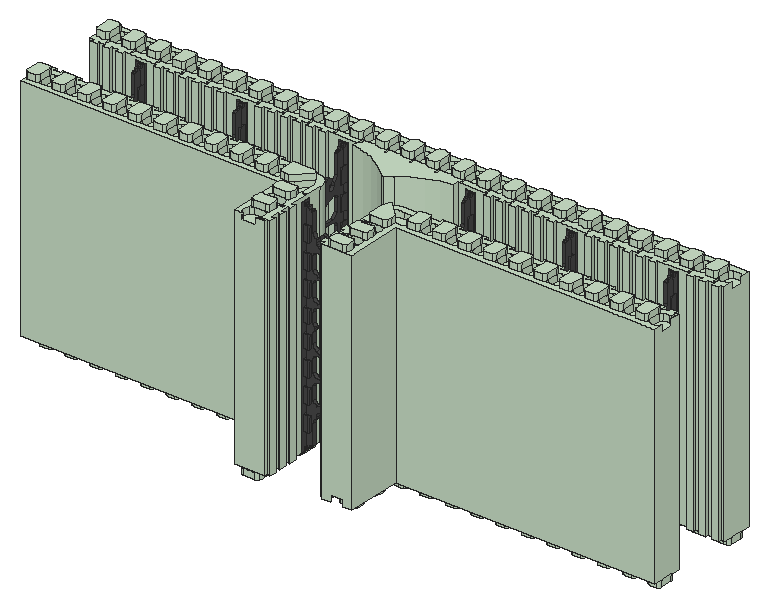
Revit family (continued)
Definition of nested family "NUDURA Logo Diamond"
  Lines and regions (in)
    model lines
      curve 205: arc (11.84417, 0, 8.22149) -> (11.72718, 0, 8.32679) -> (11.68379, 0, 8.47809) r 0.28547
      curve 206: arc (11.68379, 0, 8.07193) -> (11.73147, 0, 8.18158) -> (11.84417, 0, 8.22149) r 0.14992
      curve 207: arc (11.68379, 0, 7.77522) -> (11.74962, 0, 7.58769) -> (11.91823, 0, 7.48247) r 0.3
      curve 208: arc (11.82444, 0, 7.82469) -> (11.84638, 0, 7.76218) -> (11.90258, 0, 7.7271) r 0.1
      curve 209: arc (11.82444, 0, 7.92839) -> (11.84318, 0, 7.96742) -> (11.88536, 0, 7.97718) r 0.05
      curve 210: arc (12.12077, 0, 6.90405) -> (12.08541, 0, 6.91869) -> (12.07077, 0, 6.95405) r 0.05
      curve 211: arc (12.16108, 0, 6.90405) -> (12.19644, 0, 6.91869) -> (12.21108, 0, 6.95405) r 0.05
      curve 212: arc (11.97077, 0, 6.99425) -> (11.95612, 0, 6.95889) -> (11.92077, 0, 6.94425) r 0.05
      curve 213: arc (11.90321, 0, 6.67694) -> (11.96756, 0, 6.70069) -> (12.00104, 0, 6.76055) r 0.09904
      curve 214: arc (12.00104, 0, 6.76055) -> (12.1681, 0, 6.63117) -> (12.31108, 0, 6.78674) r 0.15613
      curve 215: arc (12.08042, 0, 8.17826) -> (12.24181, 0, 8.22914) -> (12.31108, 0, 8.38353) r 0.20667
      curve 216: arc (11.82444, 0, 8.55476) -> (11.9976, 0, 8.3816) -> (12.17077, 0, 8.55476) r 0.17317
      curve 217: arc (11.82444, 0, 9.40811) -> (11.84638, 0, 9.34561) -> (11.90258, 0, 9.31053) r 0.1
      curve 218: arc (11.82444, 0, 9.51182) -> (11.8459, 0, 9.55306) -> (11.892, 0, 9.55913) r 0.05034
      curve 219: arc (11.24744, 0, 12.12855) -> (11.35727, 0, 12.39372) -> (11.62244, 0, 12.50355) r 0.375
      curve 220: arc (12.37244, 0, 12.50355) -> (12.6376, 0, 12.39372) -> (12.74744, 0, 12.12855) r 0.375
      curve 221: arc (11.24744, 0, 5.87855) -> (11.35727, 0, 5.61339) -> (11.62244, 0, 5.50355) r 0.375
      curve 222: arc (12.37244, 0, 5.50355) -> (12.6376, 0, 5.61339) -> (12.74744, 0, 5.87855) r 0.375
      curve 223: line (9.99744, 0, 18) -> (9.99744, 0, 0)
      curve 224: line (13.99744, 0, 18) -> (13.99744, 0, 0)
      curve 225: line (15.99744, 0, 18) -> (15.99744, 0, 0)
Definition of nested family "NUDURA Diamond Pattern"
  Reference planes (in)
    plane 1 "Center (Front/Back)": y = 0
    plane 2: z = 0
    plane 3 "Center (Left/Right)": x = 0
    plane 4: z = 18
  Lines and regions (in)
    model lines
      curve 1: line (8, -5.625, 18) -> (8, -5.625, 0)
      curve 2: line (6, -5.625, 18) -> (6, -5.625, 0)
      curve 3: line (2, -5.625, 18) -> (2, -5.625, 0)
      curve 4: line (3.35367, -5.625, 16.98484) -> (3.69709, -5.625, 16.64142)
      curve 5: arc (3.35367, -5.625, 17.51517) -> (3.24384, -5.625, 17.25) -> (3.35367, -5.625, 16.98484) r 0.375
      curve 6: line (3.72867, -5.625, 17.89017) -> (3.35367, -5.625, 17.51517)
      curve 7: arc (4.259, -5.625, 17.89017) -> (3.99384, -5.625, 18) -> (3.72867, -5.625, 17.89017) r 0.375
      curve 8: line (4.634, -5.625, 17.51517) -> (4.259, -5.625, 17.89017)
      curve 9: arc (4.634, -5.625, 16.98484) -> (4.74384, -5.625, 17.25) -> (4.634, -5.625, 17.51517) r 0.375
      curve 10: line (4.29059, -5.625, 16.64142) -> (4.634, -5.625, 16.98484)
      curve 11: arc (4.17062, -5.625, 17.80178) -> (3.99384, -5.625, 17.875) -> (3.81706, -5.625, 17.80178) r 0.25
      curve 12: line (4.54562, -5.625, 17.42678) -> (4.17062, -5.625, 17.80178)
      curve 13: arc (4.54562, -5.625, 17.07322) -> (4.61884, -5.625, 17.25) -> (4.54562, -5.625, 17.42678) r 0.25
      curve 14: line (4.17062, -5.625, 16.69822) -> (4.54562, -5.625, 17.07322)
      curve 15: arc (3.81706, -5.625, 16.69822) -> (3.99384, -5.625, 16.625) -> (4.17062, -5.625, 16.69822) r 0.25
      curve 16: line (3.44206, -5.625, 17.07322) -> (3.81706, -5.625, 16.69822)
      curve 17: arc (3.44206, -5.625, 17.42678) -> (3.36884, -5.625, 17.25) -> (3.44206, -5.625, 17.07322) r 0.25
      curve 18: line (3.81706, -5.625, 17.80178) -> (3.44206, -5.625, 17.42678)
      curve 19: arc (3.69709, -5.625, 16.35858) -> (3.75567, -5.625, 16.5) -> (3.69709, -5.625, 16.64142) r 0.2
      curve 20: line (4.634, -5.625, 16.01517) -> (4.29059, -5.625, 16.35858)
      curve 21: arc (4.634, -5.625, 15.48484) -> (4.74384, -5.625, 15.75) -> (4.634, -5.625, 16.01517) r 0.375
      curve 22: line (4.29059, -5.625, 15.14142) -> (4.634, -5.625, 15.48484)
      curve 23: line (3.35367, -5.625, 15.48484) -> (3.69709, -5.625, 15.14142)
      curve 24: arc (3.35367, -5.625, 16.01517) -> (3.24384, -5.625, 15.75) -> (3.35367, -5.625, 15.48484) r 0.375
      curve 25: line (3.69709, -5.625, 16.35858) -> (3.35367, -5.625, 16.01517)
      curve 26: arc (4.17062, -5.625, 16.30178) -> (3.99384, -5.625, 16.375) -> (3.81706, -5.625, 16.30178) r 0.25
      curve 27: line (3.81706, -5.625, 16.30178) -> (3.44206, -5.625, 15.92678)
      curve 28: arc (3.44206, -5.625, 15.92678) -> (3.36884, -5.625, 15.75) -> (3.44206, -5.625, 15.57322) r 0.25
      curve 29: line (3.44206, -5.625, 15.57322) -> (3.81706, -5.625, 15.19822)
      curve 30: arc (3.81706, -5.625, 15.19822) -> (3.99384, -5.625, 15.125) -> (4.17062, -5.625, 15.19822) r 0.25
      curve 31: line (4.17062, -5.625, 15.19822) -> (4.54562, -5.625, 15.57322)
      curve 32: arc (4.54562, -5.625, 15.57322) -> (4.61884, -5.625, 15.75) -> (4.54562, -5.625, 15.92678) r 0.25
      curve 33: line (4.54562, -5.625, 15.92678) -> (4.17062, -5.625, 16.30178)
      curve 34: arc (3.69709, -5.625, 14.85858) -> (3.75567, -5.625, 15) -> (3.69709, -5.625, 15.14142) r 0.2
      curve 35: line (4.634, -5.625, 14.51517) -> (4.29059, -5.625, 14.85858)
      curve 36: arc (4.634, -5.625, 13.98484) -> (4.74384, -5.625, 14.25) -> (4.634, -5.625, 14.51517) r 0.375
      curve 37: line (4.29059, -5.625, 13.64142) -> (4.634, -5.625, 13.98484)
      curve 38: line (3.35367, -5.625, 13.98484) -> (3.69709, -5.625, 13.64142)
      curve 39: arc (3.35367, -5.625, 14.51517) -> (3.24384, -5.625, 14.25) -> (3.35367, -5.625, 13.98484) r 0.375
      curve 40: line (3.69709, -5.625, 14.85858) -> (3.35367, -5.625, 14.51517)
      curve 41: arc (4.17062, -5.625, 14.80178) -> (3.99384, -5.625, 14.875) -> (3.81706, -5.625, 14.80178) r 0.25
      curve 42: line (3.81706, -5.625, 14.80178) -> (3.44206, -5.625, 14.42678)
      curve 43: arc (3.44206, -5.625, 14.42678) -> (3.36884, -5.625, 14.25) -> (3.44206, -5.625, 14.07322) r 0.25
      curve 44: line (3.44206, -5.625, 14.07322) -> (3.81706, -5.625, 13.69822)
      curve 45: arc (3.81706, -5.625, 13.69822) -> (3.99384, -5.625, 13.625) -> (4.17062, -5.625, 13.69822) r 0.25
      curve 46: line (4.17062, -5.625, 13.69822) -> (4.54562, -5.625, 14.07322)
      curve 47: arc (4.54562, -5.625, 14.07322) -> (4.61884, -5.625, 14.25) -> (4.54562, -5.625, 14.42678) r 0.25
      curve 48: line (4.54562, -5.625, 14.42678) -> (4.17062, -5.625, 14.80178)
      curve 49: arc (3.69709, -5.625, 13.35858) -> (3.75567, -5.625, 13.5) -> (3.69709, -5.625, 13.64142) r 0.2
      curve 50: line (4.634, -5.625, 13.01517) -> (4.29059, -5.625, 13.35858)
      curve 51: arc (4.634, -5.625, 12.48484) -> (4.74384, -5.625, 12.75) -> (4.634, -5.625, 13.01517) r 0.375
      curve 52: line (4.29059, -5.625, 12.14142) -> (4.634, -5.625, 12.48484)
      curve 53: line (3.35367, -5.625, 12.48484) -> (3.69709, -5.625, 12.14142)
      curve 54: arc (3.35367, -5.625, 13.01517) -> (3.24384, -5.625, 12.75) -> (3.35367, -5.625, 12.48484) r 0.375
      curve 55: line (3.69709, -5.625, 13.35858) -> (3.35367, -5.625, 13.01517)
      curve 56: arc (4.17062, -5.625, 13.30178) -> (3.99384, -5.625, 13.375) -> (3.81706, -5.625, 13.30178) r 0.25
      curve 57: line (3.81706, -5.625, 13.30178) -> (3.44206, -5.625, 12.92678)
      curve 58: arc (3.44206, -5.625, 12.92678) -> (3.36884, -5.625, 12.75) -> (3.44206, -5.625, 12.57322) r 0.25
      curve 59: line (3.44206, -5.625, 12.57322) -> (3.81706, -5.625, 12.19822)
      curve 60: arc (3.81706, -5.625, 12.19822) -> (3.99384, -5.625, 12.125) -> (4.17062, -5.625, 12.19822) r 0.25
      curve 61: line (4.17062, -5.625, 12.19822) -> (4.54562, -5.625, 12.57322)
      curve 62: arc (4.54562, -5.625, 12.57322) -> (4.61884, -5.625, 12.75) -> (4.54562, -5.625, 12.92678) r 0.25
      curve 63: line (4.54562, -5.625, 12.92678) -> (4.17062, -5.625, 13.30178)
      curve 64: arc (3.69709, -5.625, 11.85858) -> (3.75567, -5.625, 12) -> (3.69709, -5.625, 12.14142) r 0.2
      curve 65: line (4.634, -5.625, 11.51517) -> (4.29059, -5.625, 11.85858)
      curve 66: arc (4.634, -5.625, 10.98484) -> (4.74384, -5.625, 11.25) -> (4.634, -5.625, 11.51517) r 0.375
      curve 67: line (4.29059, -5.625, 10.64142) -> (4.634, -5.625, 10.98484)
      curve 68: line (3.35367, -5.625, 10.98484) -> (3.69709, -5.625, 10.64142)
      curve 69: arc (3.35367, -5.625, 11.51517) -> (3.24384, -5.625, 11.25) -> (3.35367, -5.625, 10.98484) r 0.375
      curve 70: line (3.69709, -5.625, 11.85858) -> (3.35367, -5.625, 11.51517)
      curve 71: arc (4.17062, -5.625, 11.80178) -> (3.99384, -5.625, 11.875) -> (3.81706, -5.625, 11.80178) r 0.25
      curve 72: line (3.81706, -5.625, 11.80178) -> (3.44206, -5.625, 11.42678)
      curve 73: arc (3.44206, -5.625, 11.42678) -> (3.36884, -5.625, 11.25) -> (3.44206, -5.625, 11.07322) r 0.25
      curve 74: line (3.44206, -5.625, 11.07322) -> (3.81706, -5.625, 10.69822)
      curve 75: arc (3.81706, -5.625, 10.69822) -> (3.99384, -5.625, 10.625) -> (4.17062, -5.625, 10.69822) r 0.25
      curve 76: line (4.17062, -5.625, 10.69822) -> (4.54562, -5.625, 11.07322)
      curve 77: arc (4.54562, -5.625, 11.07322) -> (4.61884, -5.625, 11.25) -> (4.54562, -5.625, 11.42678) r 0.25
      curve 78: line (4.54562, -5.625, 11.42678) -> (4.17062, -5.625, 11.80178)
      curve 79: arc (3.69709, -5.625, 10.35858) -> (3.75567, -5.625, 10.5) -> (3.69709, -5.625, 10.64142) r 0.2
      curve 80: line (4.634, -5.625, 10.01517) -> (4.29059, -5.625, 10.35858)
      curve 81: arc (4.634, -5.625, 9.48484) -> (4.74384, -5.625, 9.75) -> (4.634, -5.625, 10.01517) r 0.375
      curve 82: line (4.29059, -5.625, 9.14142) -> (4.634, -5.625, 9.48484)
      curve 83: line (3.35367, -5.625, 9.48484) -> (3.69709, -5.625, 9.14142)
      curve 84: arc (3.35367, -5.625, 10.01517) -> (3.24384, -5.625, 9.75) -> (3.35367, -5.625, 9.48484) r 0.375
      curve 85: line (3.69709, -5.625, 10.35858) -> (3.35367, -5.625, 10.01517)
      curve 86: arc (4.17062, -5.625, 10.30178) -> (3.99384, -5.625, 10.375) -> (3.81706, -5.625, 10.30178) r 0.25
      curve 87: line (3.81706, -5.625, 10.30178) -> (3.44206, -5.625, 9.92678)
      curve 88: arc (3.44206, -5.625, 9.92678) -> (3.36884, -5.625, 9.75) -> (3.44206, -5.625, 9.57322) r 0.25
      curve 89: line (3.44206, -5.625, 9.57322) -> (3.81706, -5.625, 9.19822)
      curve 90: arc (3.81706, -5.625, 9.19822) -> (3.99384, -5.625, 9.125) -> (4.17062, -5.625, 9.19822) r 0.25
      curve 91: line (4.17062, -5.625, 9.19822) -> (4.54562, -5.625, 9.57322)
      curve 92: arc (4.54562, -5.625, 9.57322) -> (4.61884, -5.625, 9.75) -> (4.54562, -5.625, 9.92678) r 0.25
      curve 93: line (4.54562, -5.625, 9.92678) -> (4.17062, -5.625, 10.30178)
      curve 94: arc (3.69709, -5.625, 8.85858) -> (3.75567, -5.625, 9) -> (3.69709, -5.625, 9.14142) r 0.2
      curve 95: line (4.634, -5.625, 8.51517) -> (4.29059, -5.625, 8.85858)
      curve 96: arc (4.634, -5.625, 7.98484) -> (4.74384, -5.625, 8.25) -> (4.634, -5.625, 8.51517) r 0.375
      curve 97: line (4.29059, -5.625, 7.64142) -> (4.634, -5.625, 7.98484)
      curve 98: line (3.35367, -5.625, 7.98484) -> (3.69709, -5.625, 7.64142)
      curve 99: arc (3.35367, -5.625, 8.51517) -> (3.24384, -5.625, 8.25) -> (3.35367, -5.625, 7.98484) r 0.375
      curve 100: line (3.69709, -5.625, 8.85858) -> (3.35367, -5.625, 8.51517)
      curve 101: arc (4.17062, -5.625, 8.80178) -> (3.99384, -5.625, 8.875) -> (3.81706, -5.625, 8.80178) r 0.25
      curve 102: line (3.81706, -5.625, 8.80178) -> (3.44206, -5.625, 8.42678)
      curve 103: arc (3.44206, -5.625, 8.42678) -> (3.36884, -5.625, 8.25) -> (3.44206, -5.625, 8.07322) r 0.25
      curve 104: line (3.44206, -5.625, 8.07322) -> (3.81706, -5.625, 7.69822)
      curve 105: arc (3.81706, -5.625, 7.69822) -> (3.99384, -5.625, 7.625) -> (4.17062, -5.625, 7.69822) r 0.25
      curve 106: line (4.17062, -5.625, 7.69822) -> (4.54562, -5.625, 8.07322)
      curve 107: arc (4.54562, -5.625, 8.07322) -> (4.61884, -5.625, 8.25) -> (4.54562, -5.625, 8.42678) r 0.25
      curve 108: line (4.54562, -5.625, 8.42678) -> (4.17062, -5.625, 8.80178)
      curve 109: arc (3.69709, -5.625, 7.35858) -> (3.75567, -5.625, 7.5) -> (3.69709, -5.625, 7.64142) r 0.2
      curve 110: line (4.634, -5.625, 7.01517) -> (4.29059, -5.625, 7.35858)
      curve 111: arc (4.634, -5.625, 6.48484) -> (4.74384, -5.625, 6.75) -> (4.634, -5.625, 7.01517) r 0.375
      curve 112: line (4.29059, -5.625, 6.14142) -> (4.634, -5.625, 6.48484)
      curve 113: line (3.35367, -5.625, 6.48484) -> (3.69709, -5.625, 6.14142)
      curve 114: arc (3.35367, -5.625, 7.01517) -> (3.24384, -5.625, 6.75) -> (3.35367, -5.625, 6.48484) r 0.375
      curve 115: line (3.69709, -5.625, 7.35858) -> (3.35367, -5.625, 7.01517)
      curve 116: arc (4.17062, -5.625, 7.30178) -> (3.99384, -5.625, 7.375) -> (3.81706, -5.625, 7.30178) r 0.25
      curve 117: line (3.81706, -5.625, 7.30178) -> (3.44206, -5.625, 6.92678)
      curve 118: arc (3.44206, -5.625, 6.92678) -> (3.36884, -5.625, 6.75) -> (3.44206, -5.625, 6.57322) r 0.25
      curve 119: line (3.44206, -5.625, 6.57322) -> (3.81706, -5.625, 6.19822)
      curve 120: arc (3.81706, -5.625, 6.19822) -> (3.99384, -5.625, 6.125) -> (4.17062, -5.625, 6.19822) r 0.25
      curve 121: line (4.17062, -5.625, 6.19822) -> (4.54562, -5.625, 6.57322)
      curve 122: arc (4.54562, -5.625, 6.57322) -> (4.61884, -5.625, 6.75) -> (4.54562, -5.625, 6.92678) r 0.25
      curve 123: line (4.54562, -5.625, 6.92678) -> (4.17062, -5.625, 7.30178)
      curve 124: arc (3.69709, -5.625, 5.85858) -> (3.75567, -5.625, 6) -> (3.69709, -5.625, 6.14142) r 0.2
      curve 125: line (4.634, -5.625, 5.51517) -> (4.29059, -5.625, 5.85858)
      curve 126: arc (4.634, -5.625, 4.98484) -> (4.74384, -5.625, 5.25) -> (4.634, -5.625, 5.51517) r 0.375
      curve 127: line (4.29059, -5.625, 4.64142) -> (4.634, -5.625, 4.98484)
      curve 128: line (3.35367, -5.625, 4.98484) -> (3.69709, -5.625, 4.64142)
      curve 129: arc (3.35367, -5.625, 5.51517) -> (3.24384, -5.625, 5.25) -> (3.35367, -5.625, 4.98484) r 0.375
      curve 130: line (3.69709, -5.625, 5.85858) -> (3.35367, -5.625, 5.51517)
      curve 131: arc (4.17062, -5.625, 5.80178) -> (3.99384, -5.625, 5.875) -> (3.81706, -5.625, 5.80178) r 0.25
      curve 132: line (3.81706, -5.625, 5.80178) -> (3.44206, -5.625, 5.42678)
      curve 133: arc (3.44206, -5.625, 5.42678) -> (3.36884, -5.625, 5.25) -> (3.44206, -5.625, 5.07322) r 0.25
      curve 134: line (3.44206, -5.625, 5.07322) -> (3.81706, -5.625, 4.69822)
      curve 135: arc (3.81706, -5.625, 4.69822) -> (3.99384, -5.625, 4.625) -> (4.17062, -5.625, 4.69822) r 0.25
      curve 136: line (4.17062, -5.625, 4.69822) -> (4.54562, -5.625, 5.07322)
      curve 137: arc (4.54562, -5.625, 5.07322) -> (4.61884, -5.625, 5.25) -> (4.54562, -5.625, 5.42678) r 0.25
      curve 138: line (4.54562, -5.625, 5.42678) -> (4.17062, -5.625, 5.80178)
      curve 139: arc (3.69709, -5.625, 4.35858) -> (3.75567, -5.625, 4.5) -> (3.69709, -5.625, 4.64142) r 0.2
      curve 140: line (4.634, -5.625, 4.01517) -> (4.29059, -5.625, 4.35858)
      curve 141: arc (4.634, -5.625, 3.48484) -> (4.74384, -5.625, 3.75) -> (4.634, -5.625, 4.01517) r 0.375
      curve 142: line (4.29059, -5.625, 3.14142) -> (4.634, -5.625, 3.48484)
      curve 143: line (3.35367, -5.625, 3.48484) -> (3.69709, -5.625, 3.14142)
      curve 144: arc (3.35367, -5.625, 4.01517) -> (3.24384, -5.625, 3.75) -> (3.35367, -5.625, 3.48484) r 0.375
      curve 145: line (3.69709, -5.625, 4.35858) -> (3.35367, -5.625, 4.01517)
      curve 146: arc (4.17062, -5.625, 4.30178) -> (3.99384, -5.625, 4.375) -> (3.81706, -5.625, 4.30178) r 0.25
      curve 147: line (3.81706, -5.625, 4.30178) -> (3.44206, -5.625, 3.92678)
      curve 148: arc (3.44206, -5.625, 3.92678) -> (3.36884, -5.625, 3.75) -> (3.44206, -5.625, 3.57322) r 0.25
      curve 149: line (3.44206, -5.625, 3.57322) -> (3.81706, -5.625, 3.19822)
      curve 150: arc (3.81706, -5.625, 3.19822) -> (3.99384, -5.625, 3.125) -> (4.17062, -5.625, 3.19822) r 0.25
      curve 151: line (4.17062, -5.625, 3.19822) -> (4.54562, -5.625, 3.57322)
      curve 152: arc (4.54562, -5.625, 3.57322) -> (4.61884, -5.625, 3.75) -> (4.54562, -5.625, 3.92678) r 0.25
      curve 153: line (4.54562, -5.625, 3.92678) -> (4.17062, -5.625, 4.30178)
      curve 154: arc (3.69709, -5.625, 2.85858) -> (3.75567, -5.625, 3) -> (3.69709, -5.625, 3.14142) r 0.2
      curve 155: line (4.634, -5.625, 2.51517) -> (4.29059, -5.625, 2.85858)
      curve 156: arc (4.634, -5.625, 1.98484) -> (4.74384, -5.625, 2.25) -> (4.634, -5.625, 2.51517) r 0.375
      curve 157: line (4.29059, -5.625, 1.64142) -> (4.634, -5.625, 1.98484)
      curve 158: line (3.35367, -5.625, 1.98484) -> (3.69709, -5.625, 1.64142)
      curve 159: arc (3.35367, -5.625, 2.51517) -> (3.24384, -5.625, 2.25) -> (3.35367, -5.625, 1.98484) r 0.375
      curve 160: line (3.69709, -5.625, 2.85858) -> (3.35367, -5.625, 2.51517)
      curve 161: arc (4.17062, -5.625, 2.80178) -> (3.99384, -5.625, 2.875) -> (3.81706, -5.625, 2.80178) r 0.25
      curve 162: line (3.81706, -5.625, 2.80178) -> (3.44206, -5.625, 2.42678)
      curve 163: arc (3.44206, -5.625, 2.42678) -> (3.36884, -5.625, 2.25) -> (3.44206, -5.625, 2.07322) r 0.25
      curve 164: line (3.44206, -5.625, 2.07322) -> (3.81706, -5.625, 1.69822)
      curve 165: arc (3.81706, -5.625, 1.69822) -> (3.99384, -5.625, 1.625) -> (4.17062, -5.625, 1.69822) r 0.25
      curve 166: line (4.17062, -5.625, 1.69822) -> (4.54562, -5.625, 2.07322)
      curve 167: arc (4.54562, -5.625, 2.07322) -> (4.61884, -5.625, 2.25) -> (4.54562, -5.625, 2.42678) r 0.25
      curve 168: line (4.54562, -5.625, 2.42678) -> (4.17062, -5.625, 2.80178)
      curve 169: arc (3.69709, -5.625, 1.35858) -> (3.75567, -5.625, 1.5) -> (3.69709, -5.625, 1.64142) r 0.2
      curve 170: line (3.69709, -5.625, 1.35858) -> (3.35367, -5.625, 1.01517)
      curve 171: arc (3.35367, -5.625, 1.01517) -> (3.24384, -5.625, 0.75) -> (3.35367, -5.625, 0.48484) r 0.375
      curve 172: line (3.35367, -5.625, 0.48484) -> (3.72867, -5.625, 0.10984)
      curve 173: arc (3.72867, -5.625, 0.10984) -> (3.99384, -5.625, 0) -> (4.259, -5.625, 0.10984) r 0.375
      curve 174: line (4.259, -5.625, 0.10984) -> (4.634, -5.625, 0.48484)
      curve 175: arc (4.634, -5.625, 0.48484) -> (4.74384, -5.625, 0.75) -> (4.634, -5.625, 1.01517) r 0.375
      curve 176: line (4.634, -5.625, 1.01517) -> (4.29059, -5.625, 1.35858)
      curve 177: arc (4.29059, -5.625, 1.64142) -> (4.23201, -5.625, 1.5) -> (4.29059, -5.625, 1.35858) r 0.2
      curve 178: arc (4.17062, -5.625, 1.30178) -> (3.99384, -5.625, 1.375) -> (3.81706, -5.625, 1.30178) r 0.25
      curve 179: line (4.54562, -5.625, 0.92678) -> (4.17062, -5.625, 1.30178)
      curve 180: arc (4.54562, -5.625, 0.57322) -> (4.61884, -5.625, 0.75) -> (4.54562, -5.625, 0.92678) r 0.25
      curve 181: line (4.17062, -5.625, 0.19822) -> (4.54562, -5.625, 0.57322)
      curve 182: arc (3.81706, -5.625, 0.19822) -> (3.99384, -5.625, 0.125) -> (4.17062, -5.625, 0.19822) r 0.25
      curve 183: line (3.44206, -5.625, 0.57322) -> (3.81706, -5.625, 0.19822)
      curve 184: arc (3.44206, -5.625, 0.92678) -> (3.36884, -5.625, 0.75) -> (3.44206, -5.625, 0.57322) r 0.25
      curve 185: line (3.81706, -5.625, 1.30178) -> (3.44206, -5.625, 0.92678)
      curve 186: arc (4.29059, -5.625, 3.14142) -> (4.23201, -5.625, 3) -> (4.29059, -5.625, 2.85858) r 0.2
      curve 187: arc (4.29059, -5.625, 4.64142) -> (4.23201, -5.625, 4.5) -> (4.29059, -5.625, 4.35858) r 0.2
      curve 188: arc (4.29059, -5.625, 6.14142) -> (4.23201, -5.625, 6) -> (4.29059, -5.625, 5.85858) r 0.2
      curve 189: arc (4.29059, -5.625, 7.64142) -> (4.23201, -5.625, 7.5) -> (4.29059, -5.625, 7.35858) r 0.2
      curve 190: arc (4.29059, -5.625, 9.14142) -> (4.23201, -5.625, 9) -> (4.29059, -5.625, 8.85858) r 0.2
      curve 191: arc (4.29059, -5.625, 10.64142) -> (4.23201, -5.625, 10.5) -> (4.29059, -5.625, 10.35858) r 0.2
      curve 192: arc (4.29059, -5.625, 12.14142) -> (4.23201, -5.625, 12) -> (4.29059, -5.625, 11.85858) r 0.2
      curve 193: arc (4.29059, -5.625, 13.64142) -> (4.23201, -5.625, 13.5) -> (4.29059, -5.625, 13.35858) r 0.2
      curve 194: arc (4.29059, -5.625, 15.14142) -> (4.23201, -5.625, 15) -> (4.29059, -5.625, 14.85858) r 0.2
      curve 195: arc (4.29059, -5.625, 16.64142) -> (4.23201, -5.625, 16.5) -> (4.29059, -5.625, 16.35858) r 0.2
Definition of nested family "NUDURA Diamond Pattern Missing Left Line"
  Reference planes (in)
    plane 1 "Center (Front/Back)": y = 0
    plane 2: z = 0
    plane 3 "Center (Left/Right)": x = 0
    plane 4: z = 18
  Lines and regions (in)
    model lines
      curve 1: line (8, -5.625, 18) -> (8, -5.625, 0)
      curve 2: line (6, -5.625, 18) -> (6, -5.625, 0)
      curve 3: line (3.35367, -5.625, 16.98484) -> (3.69709, -5.625, 16.64142)
      curve 4: arc (3.35367, -5.625, 17.51517) -> (3.24384, -5.625, 17.25) -> (3.35367, -5.625, 16.98484) r 0.375
      curve 5: line (3.72867, -5.625, 17.89017) -> (3.35367, -5.625, 17.51517)
      curve 6: arc (4.259, -5.625, 17.89017) -> (3.99384, -5.625, 18) -> (3.72867, -5.625, 17.89017) r 0.375
      curve 7: line (4.634, -5.625, 17.51517) -> (4.259, -5.625, 17.89017)
      curve 8: arc (4.634, -5.625, 16.98484) -> (4.74384, -5.625, 17.25) -> (4.634, -5.625, 17.51517) r 0.375
      curve 9: line (4.29059, -5.625, 16.64142) -> (4.634, -5.625, 16.98484)
      curve 10: arc (4.17062, -5.625, 17.80178) -> (3.99384, -5.625, 17.875) -> (3.81706, -5.625, 17.80178) r 0.25
      curve 11: line (4.54562, -5.625, 17.42678) -> (4.17062, -5.625, 17.80178)
      curve 12: arc (4.54562, -5.625, 17.07322) -> (4.61884, -5.625, 17.25) -> (4.54562, -5.625, 17.42678) r 0.25
      curve 13: line (4.17062, -5.625, 16.69822) -> (4.54562, -5.625, 17.07322)
      curve 14: arc (3.81706, -5.625, 16.69822) -> (3.99384, -5.625, 16.625) -> (4.17062, -5.625, 16.69822) r 0.25
      curve 15: line (3.44206, -5.625, 17.07322) -> (3.81706, -5.625, 16.69822)
      curve 16: arc (3.44206, -5.625, 17.42678) -> (3.36884, -5.625, 17.25) -> (3.44206, -5.625, 17.07322) r 0.25
      curve 17: line (3.81706, -5.625, 17.80178) -> (3.44206, -5.625, 17.42678)
      curve 18: arc (3.69709, -5.625, 16.35858) -> (3.75567, -5.625, 16.5) -> (3.69709, -5.625, 16.64142) r 0.2
      curve 19: line (4.634, -5.625, 16.01517) -> (4.29059, -5.625, 16.35858)
      curve 20: arc (4.634, -5.625, 15.48484) -> (4.74384, -5.625, 15.75) -> (4.634, -5.625, 16.01517) r 0.375
      curve 21: line (4.29059, -5.625, 15.14142) -> (4.634, -5.625, 15.48484)
      curve 22: line (3.35367, -5.625, 15.48484) -> (3.69709, -5.625, 15.14142)
      curve 23: arc (3.35367, -5.625, 16.01517) -> (3.24384, -5.625, 15.75) -> (3.35367, -5.625, 15.48484) r 0.375
      curve 24: line (3.69709, -5.625, 16.35858) -> (3.35367, -5.625, 16.01517)
      curve 25: arc (4.17062, -5.625, 16.30178) -> (3.99384, -5.625, 16.375) -> (3.81706, -5.625, 16.30178) r 0.25
      curve 26: line (3.81706, -5.625, 16.30178) -> (3.44206, -5.625, 15.92678)
      curve 27: arc (3.44206, -5.625, 15.92678) -> (3.36884, -5.625, 15.75) -> (3.44206, -5.625, 15.57322) r 0.25
      curve 28: line (3.44206, -5.625, 15.57322) -> (3.81706, -5.625, 15.19822)
      curve 29: arc (3.81706, -5.625, 15.19822) -> (3.99384, -5.625, 15.125) -> (4.17062, -5.625, 15.19822) r 0.25
      curve 30: line (4.17062, -5.625, 15.19822) -> (4.54562, -5.625, 15.57322)
      curve 31: arc (4.54562, -5.625, 15.57322) -> (4.61884, -5.625, 15.75) -> (4.54562, -5.625, 15.92678) r 0.25
      curve 32: line (4.54562, -5.625, 15.92678) -> (4.17062, -5.625, 16.30178)
      curve 33: arc (3.69709, -5.625, 14.85858) -> (3.75567, -5.625, 15) -> (3.69709, -5.625, 15.14142) r 0.2
      curve 34: line (4.634, -5.625, 14.51517) -> (4.29059, -5.625, 14.85858)
      curve 35: arc (4.634, -5.625, 13.98484) -> (4.74384, -5.625, 14.25) -> (4.634, -5.625, 14.51517) r 0.375
      curve 36: line (4.29059, -5.625, 13.64142) -> (4.634, -5.625, 13.98484)
      curve 37: line (3.35367, -5.625, 13.98484) -> (3.69709, -5.625, 13.64142)
      curve 38: arc (3.35367, -5.625, 14.51517) -> (3.24384, -5.625, 14.25) -> (3.35367, -5.625, 13.98484) r 0.375
      curve 39: line (3.69709, -5.625, 14.85858) -> (3.35367, -5.625, 14.51517)
      curve 40: arc (4.17062, -5.625, 14.80178) -> (3.99384, -5.625, 14.875) -> (3.81706, -5.625, 14.80178) r 0.25
      curve 41: line (3.81706, -5.625, 14.80178) -> (3.44206, -5.625, 14.42678)
      curve 42: arc (3.44206, -5.625, 14.42678) -> (3.36884, -5.625, 14.25) -> (3.44206, -5.625, 14.07322) r 0.25
      curve 43: line (3.44206, -5.625, 14.07322) -> (3.81706, -5.625, 13.69822)
      curve 44: arc (3.81706, -5.625, 13.69822) -> (3.99384, -5.625, 13.625) -> (4.17062, -5.625, 13.69822) r 0.25
      curve 45: line (4.17062, -5.625, 13.69822) -> (4.54562, -5.625, 14.07322)
      curve 46: arc (4.54562, -5.625, 14.07322) -> (4.61884, -5.625, 14.25) -> (4.54562, -5.625, 14.42678) r 0.25
      curve 47: line (4.54562, -5.625, 14.42678) -> (4.17062, -5.625, 14.80178)
      curve 48: arc (3.69709, -5.625, 13.35858) -> (3.75567, -5.625, 13.5) -> (3.69709, -5.625, 13.64142) r 0.2
      curve 49: line (4.634, -5.625, 13.01517) -> (4.29059, -5.625, 13.35858)
      curve 50: arc (4.634, -5.625, 12.48484) -> (4.74384, -5.625, 12.75) -> (4.634, -5.625, 13.01517) r 0.375
      curve 51: line (4.29059, -5.625, 12.14142) -> (4.634, -5.625, 12.48484)
      curve 52: line (3.35367, -5.625, 12.48484) -> (3.69709, -5.625, 12.14142)
      curve 53: arc (3.35367, -5.625, 13.01517) -> (3.24384, -5.625, 12.75) -> (3.35367, -5.625, 12.48484) r 0.375
      curve 54: line (3.69709, -5.625, 13.35858) -> (3.35367, -5.625, 13.01517)
      curve 55: arc (4.17062, -5.625, 13.30178) -> (3.99384, -5.625, 13.375) -> (3.81706, -5.625, 13.30178) r 0.25
      curve 56: line (3.81706, -5.625, 13.30178) -> (3.44206, -5.625, 12.92678)
      curve 57: arc (3.44206, -5.625, 12.92678) -> (3.36884, -5.625, 12.75) -> (3.44206, -5.625, 12.57322) r 0.25
      curve 58: line (3.44206, -5.625, 12.57322) -> (3.81706, -5.625, 12.19822)
      curve 59: arc (3.81706, -5.625, 12.19822) -> (3.99384, -5.625, 12.125) -> (4.17062, -5.625, 12.19822) r 0.25
      curve 60: line (4.17062, -5.625, 12.19822) -> (4.54562, -5.625, 12.57322)
      curve 61: arc (4.54562, -5.625, 12.57322) -> (4.61884, -5.625, 12.75) -> (4.54562, -5.625, 12.92678) r 0.25
      curve 62: line (4.54562, -5.625, 12.92678) -> (4.17062, -5.625, 13.30178)
      curve 63: arc (3.69709, -5.625, 11.85858) -> (3.75567, -5.625, 12) -> (3.69709, -5.625, 12.14142) r 0.2
      curve 64: line (4.634, -5.625, 11.51517) -> (4.29059, -5.625, 11.85858)
      curve 65: arc (4.634, -5.625, 10.98484) -> (4.74384, -5.625, 11.25) -> (4.634, -5.625, 11.51517) r 0.375
      curve 66: line (4.29059, -5.625, 10.64142) -> (4.634, -5.625, 10.98484)
      curve 67: line (3.35367, -5.625, 10.98484) -> (3.69709, -5.625, 10.64142)
      curve 68: arc (3.35367, -5.625, 11.51517) -> (3.24384, -5.625, 11.25) -> (3.35367, -5.625, 10.98484) r 0.375
      curve 69: line (3.69709, -5.625, 11.85858) -> (3.35367, -5.625, 11.51517)
      curve 70: arc (4.17062, -5.625, 11.80178) -> (3.99384, -5.625, 11.875) -> (3.81706, -5.625, 11.80178) r 0.25
      curve 71: line (3.81706, -5.625, 11.80178) -> (3.44206, -5.625, 11.42678)
      curve 72: arc (3.44206, -5.625, 11.42678) -> (3.36884, -5.625, 11.25) -> (3.44206, -5.625, 11.07322) r 0.25
      curve 73: line (3.44206, -5.625, 11.07322) -> (3.81706, -5.625, 10.69822)
      curve 74: arc (3.81706, -5.625, 10.69822) -> (3.99384, -5.625, 10.625) -> (4.17062, -5.625, 10.69822) r 0.25
      curve 75: line (4.17062, -5.625, 10.69822) -> (4.54562, -5.625, 11.07322)
      curve 76: arc (4.54562, -5.625, 11.07322) -> (4.61884, -5.625, 11.25) -> (4.54562, -5.625, 11.42678) r 0.25
      curve 77: line (4.54562, -5.625, 11.42678) -> (4.17062, -5.625, 11.80178)
      curve 78: arc (3.69709, -5.625, 10.35858) -> (3.75567, -5.625, 10.5) -> (3.69709, -5.625, 10.64142) r 0.2
      curve 79: line (4.634, -5.625, 10.01517) -> (4.29059, -5.625, 10.35858)
      curve 80: arc (4.634, -5.625, 9.48484) -> (4.74384, -5.625, 9.75) -> (4.634, -5.625, 10.01517) r 0.375
      curve 81: line (4.29059, -5.625, 9.14142) -> (4.634, -5.625, 9.48484)
      curve 82: line (3.35367, -5.625, 9.48484) -> (3.69709, -5.625, 9.14142)
      curve 83: arc (3.35367, -5.625, 10.01517) -> (3.24384, -5.625, 9.75) -> (3.35367, -5.625, 9.48484) r 0.375
      curve 84: line (3.69709, -5.625, 10.35858) -> (3.35367, -5.625, 10.01517)
      curve 85: arc (4.17062, -5.625, 10.30178) -> (3.99384, -5.625, 10.375) -> (3.81706, -5.625, 10.30178) r 0.25
      curve 86: line (3.81706, -5.625, 10.30178) -> (3.44206, -5.625, 9.92678)
      curve 87: arc (3.44206, -5.625, 9.92678) -> (3.36884, -5.625, 9.75) -> (3.44206, -5.625, 9.57322) r 0.25
      curve 88: line (3.44206, -5.625, 9.57322) -> (3.81706, -5.625, 9.19822)
      curve 89: arc (3.81706, -5.625, 9.19822) -> (3.99384, -5.625, 9.125) -> (4.17062, -5.625, 9.19822) r 0.25
      curve 90: line (4.17062, -5.625, 9.19822) -> (4.54562, -5.625, 9.57322)
      curve 91: arc (4.54562, -5.625, 9.57322) -> (4.61884, -5.625, 9.75) -> (4.54562, -5.625, 9.92678) r 0.25
      curve 92: line (4.54562, -5.625, 9.92678) -> (4.17062, -5.625, 10.30178)
      curve 93: arc (3.69709, -5.625, 8.85858) -> (3.75567, -5.625, 9) -> (3.69709, -5.625, 9.14142) r 0.2
      curve 94: line (4.634, -5.625, 8.51517) -> (4.29059, -5.625, 8.85858)
      curve 95: arc (4.634, -5.625, 7.98484) -> (4.74384, -5.625, 8.25) -> (4.634, -5.625, 8.51517) r 0.375
      curve 96: line (4.29059, -5.625, 7.64142) -> (4.634, -5.625, 7.98484)
      curve 97: line (3.35367, -5.625, 7.98484) -> (3.69709, -5.625, 7.64142)
      curve 98: arc (3.35367, -5.625, 8.51517) -> (3.24384, -5.625, 8.25) -> (3.35367, -5.625, 7.98484) r 0.375
      curve 99: line (3.69709, -5.625, 8.85858) -> (3.35367, -5.625, 8.51517)
      curve 100: arc (4.17062, -5.625, 8.80178) -> (3.99384, -5.625, 8.875) -> (3.81706, -5.625, 8.80178) r 0.25
      curve 101: line (3.81706, -5.625, 8.80178) -> (3.44206, -5.625, 8.42678)
      curve 102: arc (3.44206, -5.625, 8.42678) -> (3.36884, -5.625, 8.25) -> (3.44206, -5.625, 8.07322) r 0.25
      curve 103: line (3.44206, -5.625, 8.07322) -> (3.81706, -5.625, 7.69822)
      curve 104: arc (3.81706, -5.625, 7.69822) -> (3.99384, -5.625, 7.625) -> (4.17062, -5.625, 7.69822) r 0.25
      curve 105: line (4.17062, -5.625, 7.69822) -> (4.54562, -5.625, 8.07322)
      curve 106: arc (4.54562, -5.625, 8.07322) -> (4.61884, -5.625, 8.25) -> (4.54562, -5.625, 8.42678) r 0.25
      curve 107: line (4.54562, -5.625, 8.42678) -> (4.17062, -5.625, 8.80178)
      curve 108: arc (3.69709, -5.625, 7.35858) -> (3.75567, -5.625, 7.5) -> (3.69709, -5.625, 7.64142) r 0.2
      curve 109: line (4.634, -5.625, 7.01517) -> (4.29059, -5.625, 7.35858)
      curve 110: arc (4.634, -5.625, 6.48484) -> (4.74384, -5.625, 6.75) -> (4.634, -5.625, 7.01517) r 0.375
      curve 111: line (4.29059, -5.625, 6.14142) -> (4.634, -5.625, 6.48484)
      curve 112: line (3.35367, -5.625, 6.48484) -> (3.69709, -5.625, 6.14142)
      curve 113: arc (3.35367, -5.625, 7.01517) -> (3.24384, -5.625, 6.75) -> (3.35367, -5.625, 6.48484) r 0.375
      curve 114: line (3.69709, -5.625, 7.35858) -> (3.35367, -5.625, 7.01517)
      curve 115: arc (4.17062, -5.625, 7.30178) -> (3.99384, -5.625, 7.375) -> (3.81706, -5.625, 7.30178) r 0.25
      curve 116: line (3.81706, -5.625, 7.30178) -> (3.44206, -5.625, 6.92678)
      curve 117: arc (3.44206, -5.625, 6.92678) -> (3.36884, -5.625, 6.75) -> (3.44206, -5.625, 6.57322) r 0.25
      curve 118: line (3.44206, -5.625, 6.57322) -> (3.81706, -5.625, 6.19822)
      curve 119: arc (3.81706, -5.625, 6.19822) -> (3.99384, -5.625, 6.125) -> (4.17062, -5.625, 6.19822) r 0.25
      curve 120: line (4.17062, -5.625, 6.19822) -> (4.54562, -5.625, 6.57322)
      curve 121: arc (4.54562, -5.625, 6.57322) -> (4.61884, -5.625, 6.75) -> (4.54562, -5.625, 6.92678) r 0.25
      curve 122: line (4.54562, -5.625, 6.92678) -> (4.17062, -5.625, 7.30178)
      curve 123: arc (3.69709, -5.625, 5.85858) -> (3.75567, -5.625, 6) -> (3.69709, -5.625, 6.14142) r 0.2
      curve 124: line (4.634, -5.625, 5.51517) -> (4.29059, -5.625, 5.85858)
      curve 125: arc (4.634, -5.625, 4.98484) -> (4.74384, -5.625, 5.25) -> (4.634, -5.625, 5.51517) r 0.375
      curve 126: line (4.29059, -5.625, 4.64142) -> (4.634, -5.625, 4.98484)
      curve 127: line (3.35367, -5.625, 4.98484) -> (3.69709, -5.625, 4.64142)
      curve 128: arc (3.35367, -5.625, 5.51517) -> (3.24384, -5.625, 5.25) -> (3.35367, -5.625, 4.98484) r 0.375
      curve 129: line (3.69709, -5.625, 5.85858) -> (3.35367, -5.625, 5.51517)
      curve 130: arc (4.17062, -5.625, 5.80178) -> (3.99384, -5.625, 5.875) -> (3.81706, -5.625, 5.80178) r 0.25
      curve 131: line (3.81706, -5.625, 5.80178) -> (3.44206, -5.625, 5.42678)
      curve 132: arc (3.44206, -5.625, 5.42678) -> (3.36884, -5.625, 5.25) -> (3.44206, -5.625, 5.07322) r 0.25
      curve 133: line (3.44206, -5.625, 5.07322) -> (3.81706, -5.625, 4.69822)
      curve 134: arc (3.81706, -5.625, 4.69822) -> (3.99384, -5.625, 4.625) -> (4.17062, -5.625, 4.69822) r 0.25
      curve 135: line (4.17062, -5.625, 4.69822) -> (4.54562, -5.625, 5.07322)
      curve 136: arc (4.54562, -5.625, 5.07322) -> (4.61884, -5.625, 5.25) -> (4.54562, -5.625, 5.42678) r 0.25
      curve 137: line (4.54562, -5.625, 5.42678) -> (4.17062, -5.625, 5.80178)
      curve 138: arc (3.69709, -5.625, 4.35858) -> (3.75567, -5.625, 4.5) -> (3.69709, -5.625, 4.64142) r 0.2
      curve 139: line (4.634, -5.625, 4.01517) -> (4.29059, -5.625, 4.35858)
      curve 140: arc (4.634, -5.625, 3.48484) -> (4.74384, -5.625, 3.75) -> (4.634, -5.625, 4.01517) r 0.375
      curve 141: line (4.29059, -5.625, 3.14142) -> (4.634, -5.625, 3.48484)
      curve 142: line (3.35367, -5.625, 3.48484) -> (3.69709, -5.625, 3.14142)
      curve 143: arc (3.35367, -5.625, 4.01517) -> (3.24384, -5.625, 3.75) -> (3.35367, -5.625, 3.48484) r 0.375
      curve 144: line (3.69709, -5.625, 4.35858) -> (3.35367, -5.625, 4.01517)
      curve 145: arc (4.17062, -5.625, 4.30178) -> (3.99384, -5.625, 4.375) -> (3.81706, -5.625, 4.30178) r 0.25
      curve 146: line (3.81706, -5.625, 4.30178) -> (3.44206, -5.625, 3.92678)
      curve 147: arc (3.44206, -5.625, 3.92678) -> (3.36884, -5.625, 3.75) -> (3.44206, -5.625, 3.57322) r 0.25
      curve 148: line (3.44206, -5.625, 3.57322) -> (3.81706, -5.625, 3.19822)
      curve 149: arc (3.81706, -5.625, 3.19822) -> (3.99384, -5.625, 3.125) -> (4.17062, -5.625, 3.19822) r 0.25
      curve 150: line (4.17062, -5.625, 3.19822) -> (4.54562, -5.625, 3.57322)
      curve 151: arc (4.54562, -5.625, 3.57322) -> (4.61884, -5.625, 3.75) -> (4.54562, -5.625, 3.92678) r 0.25
      curve 152: line (4.54562, -5.625, 3.92678) -> (4.17062, -5.625, 4.30178)
      curve 153: arc (3.69709, -5.625, 2.85858) -> (3.75567, -5.625, 3) -> (3.69709, -5.625, 3.14142) r 0.2
      curve 154: line (4.634, -5.625, 2.51517) -> (4.29059, -5.625, 2.85858)
      curve 155: arc (4.634, -5.625, 1.98484) -> (4.74384, -5.625, 2.25) -> (4.634, -5.625, 2.51517) r 0.375
      curve 156: line (4.29059, -5.625, 1.64142) -> (4.634, -5.625, 1.98484)
      curve 157: line (3.35367, -5.625, 1.98484) -> (3.69709, -5.625, 1.64142)
      curve 158: arc (3.35367, -5.625, 2.51517) -> (3.24384, -5.625, 2.25) -> (3.35367, -5.625, 1.98484) r 0.375
      curve 159: line (3.69709, -5.625, 2.85858) -> (3.35367, -5.625, 2.51517)
      curve 160: arc (4.17062, -5.625, 2.80178) -> (3.99384, -5.625, 2.875) -> (3.81706, -5.625, 2.80178) r 0.25
      curve 161: line (3.81706, -5.625, 2.80178) -> (3.44206, -5.625, 2.42678)
      curve 162: arc (3.44206, -5.625, 2.42678) -> (3.36884, -5.625, 2.25) -> (3.44206, -5.625, 2.07322) r 0.25
      curve 163: line (3.44206, -5.625, 2.07322) -> (3.81706, -5.625, 1.69822)
      curve 164: arc (3.81706, -5.625, 1.69822) -> (3.99384, -5.625, 1.625) -> (4.17062, -5.625, 1.69822) r 0.25
      curve 165: line (4.17062, -5.625, 1.69822) -> (4.54562, -5.625, 2.07322)
      curve 166: arc (4.54562, -5.625, 2.07322) -> (4.61884, -5.625, 2.25) -> (4.54562, -5.625, 2.42678) r 0.25
      curve 167: line (4.54562, -5.625, 2.42678) -> (4.17062, -5.625, 2.80178)
      curve 168: arc (3.69709, -5.625, 1.35858) -> (3.75567, -5.625, 1.5) -> (3.69709, -5.625, 1.64142) r 0.2
      curve 169: line (3.69709, -5.625, 1.35858) -> (3.35367, -5.625, 1.01517)
      curve 170: arc (3.35367, -5.625, 1.01517) -> (3.24384, -5.625, 0.75) -> (3.35367, -5.625, 0.48484) r 0.375
      curve 171: line (3.35367, -5.625, 0.48484) -> (3.72867, -5.625, 0.10984)
      curve 172: arc (3.72867, -5.625, 0.10984) -> (3.99384, -5.625, 0) -> (4.259, -5.625, 0.10984) r 0.375
      curve 173: line (4.259, -5.625, 0.10984) -> (4.634, -5.625, 0.48484)
      curve 174: arc (4.634, -5.625, 0.48484) -> (4.74384, -5.625, 0.75) -> (4.634, -5.625, 1.01517) r 0.375
      curve 175: line (4.634, -5.625, 1.01517) -> (4.29059, -5.625, 1.35858)
      curve 176: arc (4.29059, -5.625, 1.64142) -> (4.23201, -5.625, 1.5) -> (4.29059, -5.625, 1.35858) r 0.2
      curve 177: arc (4.17062, -5.625, 1.30178) -> (3.99384, -5.625, 1.375) -> (3.81706, -5.625, 1.30178) r 0.25
      curve 178: line (4.54562, -5.625, 0.92678) -> (4.17062, -5.625, 1.30178)
      curve 179: arc (4.54562, -5.625, 0.57322) -> (4.61884, -5.625, 0.75) -> (4.54562, -5.625, 0.92678) r 0.25
      curve 180: line (4.17062, -5.625, 0.19822) -> (4.54562, -5.625, 0.57322)
      curve 181: arc (3.81706, -5.625, 0.19822) -> (3.99384, -5.625, 0.125) -> (4.17062, -5.625, 0.19822) r 0.25
      curve 182: line (3.44206, -5.625, 0.57322) -> (3.81706, -5.625, 0.19822)
      curve 183: arc (3.44206, -5.625, 0.92678) -> (3.36884, -5.625, 0.75) -> (3.44206, -5.625, 0.57322) r 0.25
      curve 184: line (3.81706, -5.625, 1.30178) -> (3.44206, -5.625, 0.92678)
      curve 185: arc (4.29059, -5.625, 3.14142) -> (4.23201, -5.625, 3) -> (4.29059, -5.625, 2.85858) r 0.2
      curve 186: arc (4.29059, -5.625, 4.64142) -> (4.23201, -5.625, 4.5) -> (4.29059, -5.625, 4.35858) r 0.2
      curve 187: arc (4.29059, -5.625, 6.14142) -> (4.23201, -5.625, 6) -> (4.29059, -5.625, 5.85858) r 0.2
      curve 188: arc (4.29059, -5.625, 7.64142) -> (4.23201, -5.625, 7.5) -> (4.29059, -5.625, 7.35858) r 0.2
      curve 189: arc (4.29059, -5.625, 9.14142) -> (4.23201, -5.625, 9) -> (4.29059, -5.625, 8.85858) r 0.2
      curve 190: arc (4.29059, -5.625, 10.64142) -> (4.23201, -5.625, 10.5) -> (4.29059, -5.625, 10.35858) r 0.2
      curve 191: arc (4.29059, -5.625, 12.14142) -> (4.23201, -5.625, 12) -> (4.29059, -5.625, 11.85858) r 0.2
      curve 192: arc (4.29059, -5.625, 13.64142) -> (4.23201, -5.625, 13.5) -> (4.29059, -5.625, 13.35858) r 0.2
      curve 193: arc (4.29059, -5.625, 15.14142) -> (4.23201, -5.625, 15) -> (4.29059, -5.625, 14.85858) r 0.2
      curve 194: arc (4.29059, -5.625, 16.64142) -> (4.23201, -5.625, 16.5) -> (4.29059, -5.625, 16.35858) r 0.2
